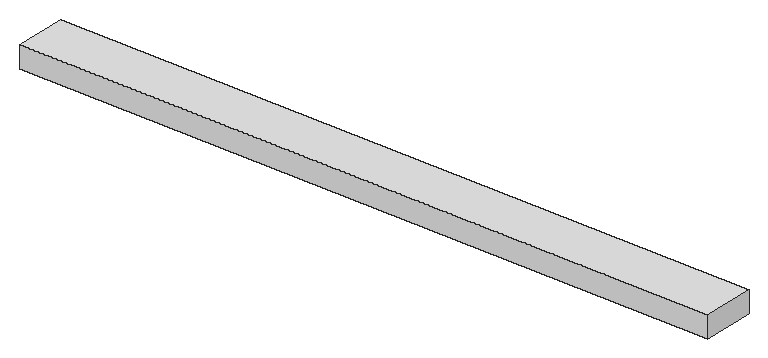
Revit family "11-TRIMBOARD-AND-STEALTH-TRIM-CADS-110-Trimboard-8-4x4-4-REVIT_Versatex-Generic-Model-8-4in-x-4in-TRIMBOARD", category Generic Models, host Face, Revit 2023
Family settings
  Host = Face
  Can host rebar = No
  Round Connector Dimension = Use Diameter
  Part Type = Normal
  Cut with Voids When Loaded = No
  Maintain Annotation Orientation = No
  Shared = No
  Room Calculation Point = No
Parameters
  Model = "TBSM/TR840412/18"
  Length = 4' - 0"
  Warranty = "https://versatex.com/warranty/"
  URL = "https://versatex.com/"
  Specification = "https://www.arcat.com/company/versatex-45716/spec?coid=45716"
  Sales Information = "https://versatex.com/dealer-locator/"
  Message Manufacturer = "https://versatex.com/contact/"
  Material = Versatex PVC - Smooth
  Manufacturer Website = "https://versatex.com/"
  Manufacturer Phone = "724-857-1111"
  Manufacturer Fax = "724-857-1171"
  Manufacturer Address = "400 Steel Street, Aliquippa, PA 15001"
  Manufacturer = "Versatex"
  Literature = "https://versatex.com/literature/?_sft_literature_category=cads"
  Description = "NOMINAL 8/4” x 4” TRIMBOARD"
  Default Elevation = 4' - 0"
  Copyright = "© 2024 VERSATEX Building Products, LLC"
Reference planes (in)
  plane 1 "Center (Front/Back)": y = 0
  plane 2: z = 0
  plane 3 "Center (Left/Right)": x = 0
  plane 4: x = 24
  plane 5: x = -24
Forms (in)
  Sweep 1, solid, material "Versatex PVC - Smooth" <- "Material"
    path origin (0, 0, 0) x (1, 0, 0) y (0, 1, 0)
      loop
        line (-24, 0) -> (24, 0)
    profile "Versatex_Profile_8-4” x 4” TRIMBOARD : Versatex_Profile_8-4” x 4” TRIMBOARD" origin (0, 0, 0) x (0, 1, 0) y (0, 0, 1)
      loop
        line (0, 0) -> (3.5, 0) -> (3.5, 1.5) -> (0, 1.5) -> (0, 0)
Dimensions and locks (in)
  "Length": plane 5 to plane 4
  equal spacing: plane 5, plane 3 "Center (Left/Right)", plane 4, locked at 24 each
  aligned and locked: plane 2 to host face
  aligned and locked: level to host face
Automatic sketch dimensions
  host sketch curve to host sketch curve = 8' - 0"  (x2)
  plane 1 "Center (Front/Back)" to Sweep 1 sketch curve = 0' - 0"
  Sweep 1 sketch curve to plane 5 = 0' - 0"
  Sweep 1 sketch curve to plane 4 = 0' - 0"
